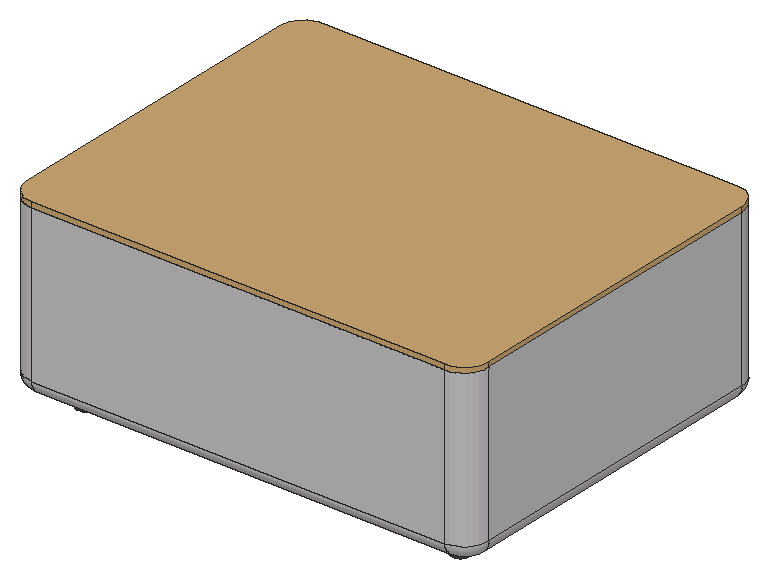
Revit family "FU_Chair_Sandler_ENTROPY_ENT0940RO", category Furniture, Revit 2020
Family settings
  OmniClass Number = 23.21.23.15.17
  Work Plane-Based = Yes
  Always vertical = No
  Cut with Voids When Loaded = No
  Shared = No
  Room Calculation Point = No
Parameters (values of type "ENTROPY ENT0940RO")
  Youtube clip = ""
  Width = 950.000 mm
  Uniformat II Description = "Movable Furnishings"
  Uniformat II Code = ""
  Uniclass 2015 Name = ""
  Uniclass 2015 Code = ""
  Uniclass 2.0 Description = ""
  Uniclass 2.0 Code = ""
  Uniclass 1.4 Description = ""
  Uniclass 1.4 Code = ""
  UNSPSC Code = ""
  Technical description = ""
  Seat Material = Leather - Gaja - 60005
  Frame Material = Steel - Frame - Black
  Region South America = "All"
  Region Oceania = "All"
  Region North America = "All"
  Region Middle East = "All"
  Region Europe = "All"
  Region Asia = "All"
  Region Antarctica = "All"
  Region Africa = "All"
  QR code = ""
  Product url = "https://www.sandlerseating.com/product/ent0940ro/"
  Product name = ""
  Product group = "Chair"
  Product family = "Furniture"
  Product data url = "https://www.sandlerseating.com/product/ent0940ro/"
  Product certification = ""
  Product SKU = ""
  Product Guid = ""
  OmniClass Description = ""
  OmniClass Code = "23-21 23 15 17"
  NBS Reference Description = ""
  NBS Reference Code = ""
  Model = "ENTROPY ENT0940RO"
  Masterformat 2014 Description = "Chair Mats"
  Masterformat 2014 Code = "12 48 43.13"
  Manufacturer name = "Sandler"
  Manufacturer country = "UK"
  Manufacturer = "Sandler"
  Installation instructions = ""
  IFC Classification = "Furnishing Element"
  GTIN code = ""
  Edition number = 1
  Design country = "UK"
  Description = "Chair"
  Depth = 750.000 mm
  Default Elevation = 0.000 mm
  Date of publishing = ""
  COBIe Type Category = ""
  Brand url = "https://www.sandlerseating.com/"
  BIMobject main category code = "furniture"
  BIMobject main category = "Furniture"
  BIMobject category code = "furniture-chair"
  BIMobject category = "Chair"
Reference planes
  plane 1 "Center Front/Back": y = 0
  plane 2: z = 0
  plane 3 "Center Left/Right": x = 0
  plane 4: y = 375
  plane 5: y = -375
  plane 6: x = -475
  plane 7: x = 475
  plane 8: z = 400
  plane 9: z = 40
  plane 10: x = -437.5
  plane 11: x = 437.5
  plane 12: y = -337.5
  plane 13: y = 337.5
  plane 14: z = 390
  plane 15: x = 240
  plane 16: z = 390
Forms (mm)
  Extrusion 1, solid, material "Leather - Gaja - 60005" <- "Seat Material"
    sketch origin (0, 0, 0) x (1, 0, 0) y (0, 1, 0)
      loop
        arc (-425, 375) -> (-460.355, 360.355) -> (-475, 325) r 50
        line (-475, 325) -> (-475, -325)
        arc (-475, -325) -> (-460.355, -360.355) -> (-425, -375) r 50
        line (-425, -375) -> (425, -375)
        arc (425, -375) -> (460.355, -360.355) -> (475, -325) r 50
        line (475, -325) -> (475, 325)
        arc (475, 325) -> (460.355, 360.355) -> (425, 375) r 50
        line (425, 375) -> (-425, 375)
    from 40 to 390
  Extrusion 2, solid, material "Steel - Frame - Black" <- "Frame Material"
    sketch origin (0, 0, 0) x (1, 0, 0) y (0, 1, 0)
      loop
        circle (-385, -285) r 20
      loop
        circle (385, -285) r 20
      loop
        circle (-385, 285) r 20
      loop
        circle (385, 285) r 20
    from 0 to 40
  Sweep 3, void
    path in 3D
      loop
        arc (475, -325, 40) -> (460.355, -360.355, 40) -> (425, -375, 40) r 50
        line (425, -375, 40) -> (-425, -375, 40)
        arc (-425, -375, 40) -> (-460.355, -360.355, 40) -> (-475, -325, 40) r 50
        line (-475, -325, 40) -> (-475, 325, 40)
        arc (-475, 325, 40) -> (-460.355, 360.355, 40) -> (-425, 375, 40) r 50
        line (-425, 375, 40) -> (425, 375, 40)
        arc (425, 375, 40) -> (460.355, 360.355, 40) -> (475, 325, 40) r 50
        line (475, 325, 40) -> (475, -325, 40)
    profile origin (475, 0, 40) x (-1, 0, 0) y (0, 0, -1)
      loop
        line (0, 0) -> (0, -30)
        arc (0, -30) -> (8.787, -8.787) -> (30, 0) r 30
        line (30, 0) -> (0, 0)
  Extrusion 4, solid, material "Wood - OAK - Natual OAK"
    sketch origin (0, 0, 0) x (1, 0, 0) y (0, 1, 0)
      loop
        arc (-425, 375) -> (-460.355, 360.355) -> (-475, 325) r 50
        line (-475, 325) -> (-475, -325)
        arc (-475, -325) -> (-460.355, -360.355) -> (-425, -375) r 50
        line (-425, -375) -> (425, -375)
        arc (425, -375) -> (460.355, -360.355) -> (475, -325) r 50
        line (475, -325) -> (475, 325)
        arc (475, 325) -> (460.355, 360.355) -> (425, 375) r 50
        line (425, 375) -> (-425, 375)
    from 390 to 400
Cuts and joins
  Sweep 3 cuts Extrusion 1
Lines and regions (mm)
  sketch lines
    curve 1: line (475, 325, 40) -> (475, -325, 40)
    curve 2: arc (475, 325, 40) -> (460.355, 360.355, 40) -> (425, 375, 40) r 50
    curve 3: line (-425, 375, 40) -> (425, 375, 40)
    curve 4: arc (-425, 375, 40) -> (-460.355, 360.355, 40) -> (-475, 325, 40) r 50
    curve 5: line (-475, -325, 40) -> (-475, 325, 40)
    curve 6: arc (-475, -325, 40) -> (-460.355, -360.355, 40) -> (-425, -375, 40) r 50
    curve 7: line (425, -375, 40) -> (-425, -375, 40)
    curve 8: arc (425, -375, 40) -> (460.355, -360.355, 40) -> (475, -325, 40) r 50
Dimensions and locks
  equal spacing: plane 4, plane 1 "Center Front/Back", plane 5
  "Depth": plane 4 to plane 5
  equal spacing: plane 6, plane 3 "Center Left/Right", plane 7
  "Width": plane 6 to plane 7
  locked: plane 11 to plane 7 at 37.5
  locked: plane 6 to plane 10 at 37.5
  locked: plane 4 to plane 13 at 37.5
  locked: plane 12 to plane 5 at 37.5
  aligned and locked: level to plane 2
  aligned and locked: Extrusion 1 sketch curve to plane 4
  aligned and locked: plane 5 to Extrusion 1 sketch curve
  aligned and locked: Extrusion 1 sketch curve to plane 7
  aligned and locked: plane 4 to Extrusion 4
  aligned and locked: Extrusion 4 to plane 5
  aligned and locked: plane 7 to Extrusion 4
  aligned and locked: Extrusion 4 to plane 6
Automatic sketch dimensions
  Extrusion 1 sketch curve to plane 4 = 50.000 mm
  plane 10 to Extrusion 1 sketch curve = 12.500 mm  (x2)
  Extrusion 1 sketch curve to plane 11 = 12.500 mm  (x2)
  Extrusion 1 sketch curve to plane 6 = 0.000 mm
  plane 10 to Extrusion 2 sketch curve = 52.500 mm  (x2)
  Extrusion 2 sketch curve to plane 11 = 52.500 mm  (x2)
  plane 12 to Extrusion 2 sketch curve = 52.500 mm  (x2)
  Extrusion 2 sketch curve to plane 13 = 52.500 mm  (x2)
  Sweep 3 sketch curve to profile plane = 0.000 mm  (x2)
  Sweep 3 sketch curve to profile plane = 30.000 mm
  Extrusion 4 sketch curve to plane 6 = 0.000 mm
  Extrusion 4 sketch curve to plane 4 = 0.000 mm
  Extrusion 4 sketch curve to plane 5 = 0.000 mm
  Extrusion 4 sketch curve to plane 7 = 0.000 mm
  plane 10 to Extrusion 4 sketch curve = 12.500 mm  (x2)
  Extrusion 4 sketch curve to plane 11 = 12.500 mm  (x2)
  radius of Extrusion 2 sketch curve = 20.000 mm  (x4)
